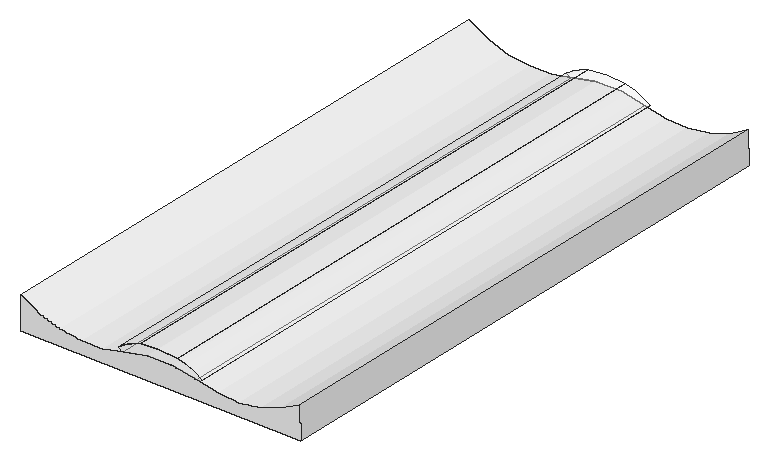
Revit family "SLK24", category Lighting Fixtures, host Face, Revit 2014
Parameters
  Width 1 = 5.000"
  Width = 11.630"
  Watts = 32 W  # constant formula
  Wattage Comments = "32W"
  Wattage = 44 W
  Warranty = "5 years Warranty"  # constant formula
  built-in parameter 1150110 = 1 (stored number, unit not read)
  Voltage = 120 V
  URL = "https://www.hubbell.com/columbialighting/en"
  built-in parameter 1114217 = 1 (stored number, unit not read)
  Tilt Angle = -90.00°
  built-in parameter 1150109 = 1 (stored number, unit not read)
  built-in parameter 1150134 = (empty or 0)
  built-in parameter 1150113 = 1 (stored number, unit not read)
  Reflector Finish = Hubbell - White Glass
  Product Page URL = "https://www.hubbell.com/columbialighting/en/Products/Lighting-Controls/Commercial-Indoor-Lighting/Lighting-Retrofit-Kits/SLK/p/210420"
  Product Doucmentation Link = "https://hubbellcdn.com/specsheet/slk22.pdf"
  Power Factor = 1
  Photometric Web File = "SLK24-30HLG-EU.ies"
  Photometric Web Link = "https://www.hubbell.com/columbialighting/en/Products/Lighting-Controls/Commercial-Indoor-Lighting/Lighting-Retrofit-Kits/SLK/p/210420#prod-resources-section"
  Photometric Note = "For more ies file please find the above Photometric Web Link"
  Model = "SLK24"
  Manufacturer = "columbia lighting"  # constant formula
  built-in parameter 1150105 = 434.17 (stored number, unit not read)
  Lumens = 5456 lm
  built-in parameter 1150115 = 1 (stored number, unit not read)
  Load Classification = Lighting
  built-in parameter 1150137 = (empty or 0)
  built-in parameter 1150139 = (empty or 0)
  Length 02 = 48.000"
  Length = 24.000"
  built-in parameter 1150112 = 1 (stored number, unit not read)
  built-in parameter 1150114 = 1 (stored number, unit not read)
  Lamp = "LED"  # constant formula
  built-in parameter 1150132 = (empty or 0)
  built-in parameter 1150102 = (empty or 0)
  built-in parameter 1150107 = 3500 (stored number, unit not read)
  built-in parameter 1150138 = (empty or 0)
  built-in parameter 1150106 = 4.3417 (stored number, unit not read)
  Housing Material = Paint - Hubbell - Matte White
  Features = "Contemporary style LED retrofit for existing 2x4 prismatic or parabolic troffers with depth 3-1/8Inch or greater • 83 CRI standard or optional 90 CRI for color sensitive applications • Fully integrated hinged door assembly allows for easy installation and rapid troffer conversion • Reduces job site waste by reusing existing fixture housing • High efficiency acrylic center lens features linear prisms for high performance without pixelation • HE lumen packages available • 60,000 hour LEDs at L80 (up to 150,000 hour projected life) for reduced maintenance • Optional architecturally styled integration of daylight and occupancy sensor(s) • Optional SpectraSync™ offers three modes of tunable white solutions and integrates seamlessly into a variety of control systems • NX Distributed Intelligence™ provides options for standalone and networked integrated sensor with wired connectivity for NX system deployments • DLC® (DesignLights Consortium) Qualified, with some Premium Qualified configurations - see www.designlights.org • Five year warranty (Terms and Conditions Apply)"  # constant formula
  Emit from Rectangle Width = Length - 1.000"  # 23.000"
  Emit from Rectangle Length = Length 02 - 1.000"  # 47.000"
  Emit Shape Visible in Rendering = no
  built-in parameter 1150104 = 11.52 (stored number, unit not read)
  Dimming Lamp Color Temperature Shift = <None>
  Description = "The SLK is a retrofit door kit with a contemporary appearance and LED efficacy."  # constant formula
  Default Elevation = 48.000"
  Create Date = "04/22/2019"  # constant formula
  Copyright = "© 2019 Columbia Lighting"  # constant formula
  Contact = "https://www.hubbell.com/columbialighting/en/contactUs?productId=210420"
  Connector Description = "Lighting Connector"  # constant formula
  Color Filter = 16777215
  built-in parameter 1114216 [instance] = (empty or 0)
  Certifications = "All luminaires are built to UL and CSA standards"  # constant formula
  built-in parameter 1114218 = 1 (stored number, unit not read)
  built-in parameter 1150133 = 10 (stored number, unit not read)
  Assembly Code = "D5020200"
  Apparent Load = Watts / Power Factor  # 32 VA
Reference planes (in)
  plane 1 "Center (Front/Back)": y = 0
  plane 2: z = 0
  plane 3 "Center (Left/Right)": x = 0
  plane 4: x = 12
  plane 5: x = -12
  plane 6: z = 0.125
  plane 7: y = 24
  plane 8: y = -24
Forms (in)
  Extrusion 1, void
    sketch origin (0, 0, 0) x (1, 0, 0) y (0, 1, 0)
      loop
        line (-12, 24) -> (-12, -24) -> (12, -24) -> (12, 24) -> (-12, 24)
    from 0 to -3.125
  Extrusion 2, solid, material "Paint - Hubbell - Matte White" <- "Housing Material"
    sketch origin (0, 0, 0) x (1, 0, 0) y (0, 0, 1)
      loop
        line (-12, 0) -> (-12, -2.75) -> (12, -2.75) -> (12, 0)
        arc (12, 0) -> (7.67927, -1.59022) -> (3.08759, -1.25256) r 10.88829
        arc (3.08759, -1.25256) -> (0, -0.80731) -> (-3.08759, -1.25256) r 10.92816
        arc (-3.08759, -1.25256) -> (-7.67927, -1.59022) -> (-12, 0) r 10.88829
    from 24 to -24
  Extrusion 3, solid, material "Hubbell - White Glass" <- "Reflector Finish"
    sketch origin (0, 0, 0) x (1, 0, 0) y (0, 0, 1)
      loop
        arc (1.50479, -0.16554) -> (-0.08818, -0.01582) -> (-1.68006, -0.17674) r 8.24073
        arc (-1.68006, -0.17674) -> (-2.66509, -0.51169) -> (-3.54766, -1.06262) r 4.52834
        arc (-3.54766, -1.06262) -> (-3.36415, -1.27103) -> (-3.08754, -1.29556) r 0.37416
        arc (-3.08754, -1.29556) -> (0.00664, -0.84674) -> (3.10142, -1.29139) r 10.94083
        arc (3.10142, -1.29139) -> (3.39046, -1.27693) -> (3.61953, -1.10007) r 0.48383
        arc (3.61953, -1.10007) -> (2.62024, -0.50138) -> (1.50479, -0.16554) r 4.72228
    from 24 to -24
Dimensions and locks (in)
  "Length 02": plane 8 to plane 7
  equal spacing: plane 8, plane 1 "Center (Front/Back)", plane 7
  "Length": plane 5 to plane 4
  equal spacing: plane 5, plane 3 "Center (Left/Right)", plane 4
  aligned and locked: plane 2 to host face
  aligned and locked: level to host face
  aligned and locked: plane 3 "Center (Left/Right)" to imposter light
  aligned and locked: Extrusion 2 to plane 7
  aligned and locked: plane 8 to Extrusion 2
  aligned and locked: plane 8 to Extrusion 3
  aligned and locked: imposter light to plane 6
  aligned and locked: Extrusion 2 to Extrusion 3
Automatic sketch dimensions
  host sketch curve to host sketch curve = 96.000"  (x2)
  Extrusion 1 sketch curve to plane 5 = 0.000"
  Extrusion 1 sketch curve to plane 4 = 0.000"
  plane 8 to Extrusion 1 sketch curve = 0.000"
  plane 7 to Extrusion 1 sketch curve = 0.000"
  Extrusion 2 sketch curve to plane 5 = 0.000"
  Extrusion 2 sketch curve to plane 3 "Center (Left/Right)" = 0.000"
  Extrusion 2 sketch curve to plane 4 = 0.000"
  Extrusion 2 sketch curve to level = 0.000"  (x2)
  Extrusion 2 sketch curve to plane 4 = 5.83609"
  Extrusion 2 sketch curve to level = 2.750"
  Extrusion 2 sketch curve to level = 1.25256"  (x2)
  Extrusion 2 sketch curve to plane 3 "Center (Left/Right)" = 3.08759"
  Extrusion 2 sketch curve to Extrusion 2 sketch curve = 0.000"  (x2)
  Extrusion 3 sketch curve to plane 3 "Center (Left/Right)" = 0.05919"
  Extrusion 3 sketch curve to plane 3 "Center (Left/Right)" = 0.72438"
  Extrusion 3 sketch curve to level = 0.93721"
  Extrusion 3 sketch curve to plane 3 "Center (Left/Right)" = 3.19514"
  plane 3 "Center (Left/Right)" to Extrusion 3 sketch curve = 0.71147"
  Extrusion 3 sketch curve to level = 0.82305"
  plane 3 "Center (Left/Right)" to Extrusion 3 sketch curve = 3.22286"
  Extrusion 3 sketch curve to Extrusion 3 sketch curve = 3.99765"
  Extrusion 3 sketch curve to Extrusion 3 sketch curve = 0.21761"
  Extrusion 3 sketch curve to Extrusion 3 sketch curve = 3.65341"
  Extrusion 3 sketch curve to level = 0.17674"
  Extrusion 3 sketch curve to plane 3 "Center (Left/Right)" = 1.68006"
  Extrusion 3 sketch curve to Extrusion 3 sketch curve = 0.1076"
  Extrusion 3 sketch curve to Extrusion 3 sketch curve = 0.35252"
  Extrusion 3 sketch curve to level = 0.16554"
  Extrusion 3 sketch curve to Extrusion 3 sketch curve = 0.12144"
  Extrusion 3 sketch curve to Extrusion 3 sketch curve = 0.39667"
  Extrusion 3 sketch curve to Extrusion 3 sketch curve = 0.000"
Connectors (in)
  electrical at (0, 0, -2.75), driven by "Voltage", driven by "Apparent Load", driven by "Power Factor", driven by "Connector Description"
    settings: on Extrusion 2, index 1, voltage 120 V, apparent load 32 VA, apparent load phase1 0 VA, apparent load phase2 0 VA, apparent load phase3 0 VA, power factor 1, load classification "Other", number of poles 1, system type 30, power factor state 1, is connector primary yes, connector utility no, sub classification motor no, connector description "Lighting Connector"
